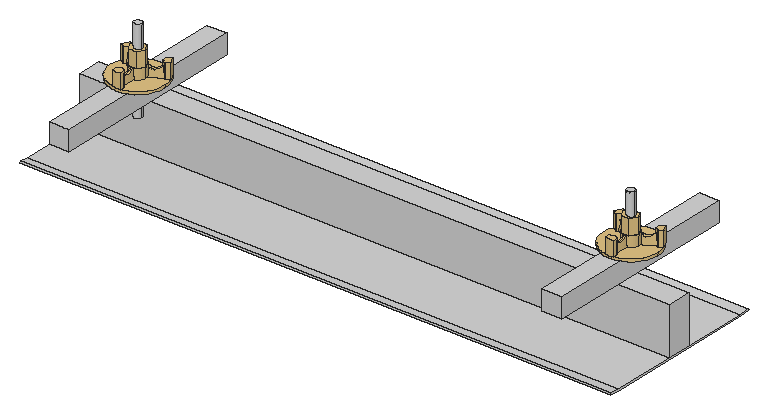
Revit family "LGW_COMPENSATION PLATE LGW 1.2_1923155", category Generic Models, Revit 2018
Family settings
  Can host rebar = No
  Round Connector Dimension = Use Diameter
  Part Type = Normal
  OmniClass Number = 35.51.14.00
  OmniClass Title = FORMWORK
  Work Plane-Based = Yes
  Always vertical = No
  Cut with Voids When Loaded = No
  Shared = Yes
  Room Calculation Point = No
Parameters
  VERSION = "20190101"  # constant formula
  URL = "www.ulmaconstruction.com/en"
  UNICLASS = ""
  ITEM_CODE = "1923155"
  Manufacturer = "ULMA CONSTRUCTION"  # constant formula
  FILTER [instance] = ""
  Default Elevation = 0.000 mm
  CLASSIFICATION_TITLE = ""
  CLASSIFICATION_NUMBER = ""
Reference planes
  plane 1 "Centro (Frontal/Posterior)": y = 0
  plane 2: z = 0
  plane 3 "Centro (Izquierda/Derecha)": x = 0
  plane 4 "01": x = 125
  plane 5 "02": x = 1075
  plane 6 "ITEM_HEIGHT": x = 1200
  plane 7 "MIDDLE": y = -25
  plane 8 "HOLE 1": x = 300
  plane 9 "HOLE 2": x = 900
Forms (mm)
  Extrusion 1, solid, material "ULMA ZINC"
    sketch origin (0, 0, 0) x (0, 1, 0) y (0, 0, 1)
      loop
        line (-179.83, -96.5) -> (-199.66, -94.241) -> (-200, -97.221) -> (-180, -99.5) -> (130, -99.5) -> (150, -97.221) -> (149.66, -94.241) -> (129.83, -96.5) -> (-179.83, -96.5)
    from 0 to 1200
  Extrusion 2, solid, material "ULMA ZINC"
    sketch origin (0, 0, 0) x (0, 1, 0) y (0, 0, 1)
      loop
        line (-50, -96.5) -> (0, -96.5) -> (0, 0) -> (-50, 0) -> (-50, -96.5)
    from 0 to 1200
  Extrusion 3, solid, material "ULMA ZINC", detail levels fine
    sketch origin (-600, 0, 0) x (1, 0, 0) y (0, 1, 0)
      loop
        circle (725, -57.5) r 7.5
    from -30 to 140
  Extrusion 4, solid, material "ULMA ZINC", detail levels fine
    sketch origin (-1200, 0, 0) x (1, 0, 0) y (0, 1, 0)
      loop
        circle (2275, 7.5) r 7.5
    from -30 to 140
  Extrusion 5, solid, material "ULMA ZINC"
    sketch origin (-600, 0, 0) x (1, 0, 0) y (0, 1, 0)
      loop
        line (705, 142.5) -> (705, -257.5) -> (745, -257.5) -> (745, 142.5) -> (705, 142.5)
    from 0 to 40
  Extrusion 6, solid, material "ULMA ZINC"
    sketch origin (-1200, 0, 0) x (1, 0, 0) y (0, 1, 0)
      loop
        line (2255, 207.5) -> (2255, -192.5) -> (2295, -192.5) -> (2295, 207.5) -> (2255, 207.5)
    from 0 to 40
Lines and regions (mm)
  model lines, style "ULMA PANELS", detail levels fine
    curve 1: circle (300, -25, 0) r 13 normal (0, 0, 1)
    curve 2: circle (900, -25, 0) r 13 normal (0, 0, 1)
    curve 3: circle (300, -25, -99.5) r 13 normal (0, 0, 1)
    curve 4: circle (900, -25, -99.5) r 13 normal (0, 0, 1)
Dimensions and locks
  locked: plane 3 "Centro (Izquierda/Derecha)" to plane 6 "ITEM_HEIGHT" at 1200
  aligned and locked: level to plane 2
  aligned and locked: plane 6 "ITEM_HEIGHT" to Extrusion 1
  aligned and locked: plane 6 "ITEM_HEIGHT" to Extrusion 2
Nested families
  nested 1: "TUERCA PLACA FIJA 15 - 7238000_PANELS" at (125, -57.5, 40), type "TUERCA PLACA FIJA 15 - 7238000_PANELS"
    with FILTER ""
  nested 2: "TUERCA PLACA FIJA 15 - 7238000_PANELS" at (1075, 7.5, 40), type "TUERCA PLACA FIJA 15 - 7238000_PANELS"
    with FILTER ""
Definition of nested family "TUERCA PLACA FIJA 15 - 7238000_PANELS"
  Parameters (values of type "TUERCA PLACA FIJA 15 - 7238000_PANELS")
    VERSION = "20170217"  # constant formula
    URL = "www.ulmaconstruction.com/en"
    UNICLASS = ""
    Model = ""
    Manufacturer = "ULMA CONSTRUCTION"  # constant formula
    FILTER [instance] = ""
    Default Elevation = 0.000 mm
    CLASSIFICATION_TITLE = ""
    CLASSIFICATION_NUMBER = ""
  Reference planes
    plane 1 "Centro (Frontal/Posterior)": y = 0
    plane 2: z = 0
    plane 3 "Centro (Izquierda/Derecha)": x = 0
  Forms (mm)
    Extrusion 1, solid
      sketch origin (0, 42.5, 39) x (-1, 0, 0) y (0, -1, 0)
        loop
          circle (0, 42.5) r 55
      from -39 to -34
    Extrusion 2, solid, detail levels fine
      sketch origin (0, 0, 0) x (1, 0, 0) y (0, 1, 0)
        loop
          circle (0, 0) r 16.4
      from 5 to 25
    Extrusion 3, solid, detail levels fine
      sketch origin (0, 0, 0) x (1, 0, 0) y (0, 1, 0)
        loop
          line (7.794, 13.5) -> (-7.794, 13.5) -> (-15.588, 0) -> (-7.794, -13.5) -> (7.794, -13.5) -> (15.588, 0) -> (7.794, 13.5)
      from 25 to 56
    Extrusion 4, solid, detail levels fine
      sketch origin (0, 0, 0) x (1, 0, 0) y (0, 1, 0)
        loop
          line (-51.249, 19.962) -> (-43.895, 15.716)
          arc (-43.895, 15.716) -> (-42.889, 15.447) -> (-41.884, 15.718) r 2.008
          line (-41.884, 15.718) -> (-34.641, 19.9) -> (-34.641, 28.263)
          arc (-34.641, 28.263) -> (-34.91, 29.269) -> (-35.645, 30.006) r 2.015
          line (-35.645, 30.006) -> (-43.022, 34.265)
          arc (-43.022, 34.265) -> (-47.675, 27.424) -> (-51.249, 19.962) r 55
        loop
          arc (51.186, 20.125) -> (47.587, 27.576) -> (42.913, 34.402) r 55
          line (42.913, 34.402) -> (35.558, 30.156)
          arc (35.558, 30.156) -> (34.822, 29.419) -> (34.554, 28.413) r 2.008
          line (34.554, 28.413) -> (34.554, 20.05) -> (41.797, 15.868)
          arc (41.797, 15.868) -> (42.802, 15.598) -> (43.808, 15.866) r 2.015
          line (43.808, 15.866) -> (51.186, 20.125)
        loop
          line (8.337, -54.364) -> (8.337, -45.872)
          arc (8.337, -45.872) -> (8.067, -44.867) -> (7.329, -44.132) r 2.008
          line (7.329, -44.132) -> (0.087, -39.95) -> (-7.156, -44.132)
          arc (-7.156, -44.132) -> (-7.893, -44.867) -> (-8.164, -45.872) r 2.015
          line (-8.164, -45.872) -> (-8.164, -54.391)
          arc (-8.164, -54.391) -> (0.088, -55) -> (8.337, -54.364) r 55
      from 5 to 35
    Blend 5, solid, detail levels fine
      base sketch origin (0, 0, 0) x (1, 0, 0) y (0, 1, 0)
        loop
          arc (-15.798, 4.402) -> (-14.247, 8.123) -> (-11.836, 11.352) r 16.4
          line (-11.836, 11.352) -> (-34.641, 24.519) -> (-34.641, 19.9) -> (-38.641, 17.591) -> (-15.798, 4.402)
      top sketch origin (0, 0, 0) x (1, 0, 0) y (0, 1, 0)
        loop
          spline (-36.457, 18.852) -> (-35.471, 18.034) -> (-34.159, 17.057) -> (-32.563, 15.952) -> (-30.731, 14.753) -> (-28.722, 13.498) -> (-26.598, 12.226) -> (-24.424, 10.976) -> (-22.269, 9.788) -> (-20.2, 8.697) -> (-18.281, 7.74) -> (-16.572, 6.944) -> (-15.127, 6.336)
          arc (-15.127, 6.336) -> (-14.246, 8.125) -> (-13.154, 9.794) r 16.4
          spline (-13.154, 9.794) -> (-14.405, 10.742) -> (-15.948, 11.824) -> (-17.736, 13.006) -> (-19.714, 14.252) -> (-21.82, 15.523) -> (-23.987, 16.779) -> (-26.149, 17.981) -> (-28.238, 19.093) -> (-30.19, 20.078) -> (-31.942, 20.906) -> (-33.442, 21.553) -> (-34.641, 21.996)
          line (-34.641, 21.996) -> (-34.641, 19.9) -> (-36.457, 18.852)
      from 5 to 24.998
    Blend 6, solid, detail levels fine
      base sketch origin (0, 0, 0) x (-0.5, -0.866025, 0) y (0.866025, -0.5, 0)
        loop
          arc (-15.798, 4.402) -> (-14.247, 8.123) -> (-11.836, 11.352) r 16.4
          line (-11.836, 11.352) -> (-34.641, 24.519) -> (-34.641, 19.9) -> (-38.641, 17.591) -> (-15.798, 4.402)
      top sketch origin (0, 0, 0) x (-0.5, -0.866025, 0) y (0.866025, -0.5, 0)
        loop
          spline (-36.457, 18.852) -> (-35.471, 18.034) -> (-34.159, 17.057) -> (-32.563, 15.952) -> (-30.731, 14.753) -> (-28.722, 13.498) -> (-26.598, 12.226) -> (-24.424, 10.976) -> (-22.269, 9.788) -> (-20.2, 8.697) -> (-18.281, 7.74) -> (-16.572, 6.944) -> (-15.127, 6.336)
          arc (-15.127, 6.336) -> (-14.246, 8.125) -> (-13.154, 9.794) r 16.4
          spline (-13.154, 9.794) -> (-14.405, 10.742) -> (-15.948, 11.824) -> (-17.736, 13.006) -> (-19.714, 14.252) -> (-21.82, 15.523) -> (-23.987, 16.779) -> (-26.149, 17.981) -> (-28.238, 19.093) -> (-30.19, 20.078) -> (-31.942, 20.906) -> (-33.442, 21.553) -> (-34.641, 21.996)
          line (-34.641, 21.996) -> (-34.641, 19.9) -> (-36.457, 18.852)
      from 5 to 24.998
    Blend 7, solid, detail levels fine
      base sketch origin (0, 0, 0) x (-0.498104, 0.867117, 0) y (-0.867117, -0.498104, 0)
        loop
          arc (-15.798, 4.402) -> (-14.247, 8.123) -> (-11.836, 11.352) r 16.4
          line (-11.836, 11.352) -> (-34.641, 24.519) -> (-34.641, 19.9) -> (-38.641, 17.591) -> (-15.798, 4.402)
      top sketch origin (0, 0, 0) x (-0.498104, 0.867117, 0) y (-0.867117, -0.498104, 0)
        loop
          spline (-36.457, 18.852) -> (-35.471, 18.034) -> (-34.159, 17.057) -> (-32.563, 15.952) -> (-30.731, 14.753) -> (-28.722, 13.498) -> (-26.598, 12.226) -> (-24.424, 10.976) -> (-22.269, 9.788) -> (-20.2, 8.697) -> (-18.281, 7.74) -> (-16.572, 6.944) -> (-15.127, 6.336)
          arc (-15.127, 6.336) -> (-14.246, 8.125) -> (-13.154, 9.794) r 16.4
          spline (-13.154, 9.794) -> (-14.405, 10.742) -> (-15.948, 11.824) -> (-17.736, 13.006) -> (-19.714, 14.252) -> (-21.82, 15.523) -> (-23.987, 16.779) -> (-26.149, 17.981) -> (-28.238, 19.093) -> (-30.19, 20.078) -> (-31.942, 20.906) -> (-33.442, 21.553) -> (-34.641, 21.996)
          line (-34.641, 21.996) -> (-34.641, 19.9) -> (-36.457, 18.852)
      from 5 to 24.998
    Revolve 8, void
      sketch origin (0, 0, 0) x (0, 1, 0) y (0, 0, 1)
        loop
          arc (-39.95, 25) -> (-28.175, 18.72) -> (-16.4, 24.999) r 14.18
          line (-16.4, 24.999) -> (-16.4, 26.999) -> (-39.95, 26.999) -> (-39.95, 25)
        axis (0, 24.999) -> (0, 26.999)
      angle from 0 to 360
  Cuts and joins
    Revolve 8 cuts Extrusion 3
    Revolve 8 cuts Blend 5
    Revolve 8 cuts Blend 6
    Revolve 8 cuts Blend 7
  Lines and regions (mm)
    model lines, detail levels fine
      curve 1: circle (0, 0, 0) r 7.5 normal (0, 0, 1)
      curve 2: circle (0, 0, 56) r 7.5 normal (0, 0, 1)
  Dimensions and locks
    aligned and locked: level to plane 2
